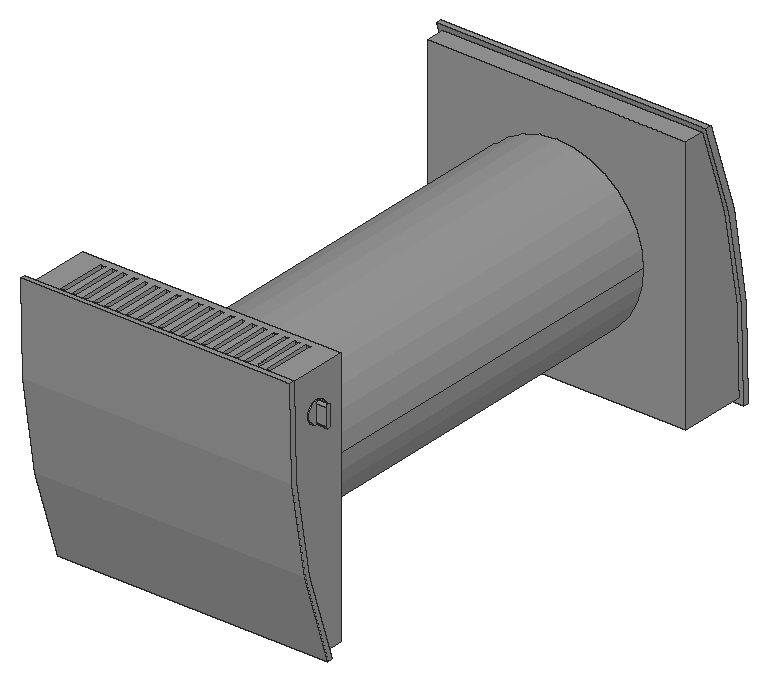
Revit family "ТвінФреш Ізі_Eng", category Mechanical Equipment, Revit 2021
Family settings
  Round Connector Dimension = Use Diameter
  Classification = None
  Part Type = Normal
  Work Plane-Based = No
  Always vertical = Yes
  Cut with Voids When Loaded = Yes
  Shared = No
  Room Calculation Point = No
Parameters (values of type "TwinFresh Easy-D RL7-50-17")
  Width = B + 10 mm  # 250 mm
  Weight = 5.00 kg
  Voltage = 230 V
  Sound pressure level at 3 m distance = "29 dBA"
  Pressure_Static_Air [instance] = 0.0 Pa
  Power = 4.3 W
  Number of Fase = 1
  Maximum Air Flow = 50.0 m³/h
  Load Classification = "HVAC"
  Length = L + 66 mm * 2  # 532 mm
  Height = B + 10 mm  # 250 mm
  Frequency = 50 Hz  # constant formula
  Filter = "G3"
  Default Elevation = 0 mm
  Lid = L < 155 mm  # no
  Manufacturer = "Vents"  # constant formula
  l3 = L / 2 - 5 mm  # 195 mm
  l2 = L / 2 + 5.5 mm  # 205.5 mm
  l1 = L / 2  # 200 mm
  b1 = B - 40 mm  # 200 mm
  b = B - 60 mm  # 180 mm
  Maintenance zone material = none
  URL = "https://ventilation-system.com/series/twinfresh-easy"
  L2 = 86 mm
  L = 400 mm
  Dy = D - 5 mm  # 155 mm
  Casing Material = Grid, steel, painted, white
  D = 160 mm
  B1 = 186 mm
  B = 240 mm
  Amperage = 0.041 A
  Air Flow [instance] = 0.0 m³/h
  09_System_Name [instance] = ""
  00_20_Type = "TwinFresh Easy-D RL7-50-17"
  00_20_Name = "Single-room heat regeneration unit"  # constant formula
  00_20_Manufacturer = "Vents"  # constant formula
Types (3, lengths in mm): name | 00_20_Type
  (no name) | "TwinFresh Easy-D RL7-50-17"
  TwinFresh Easy RL7-50-17 | "TwinFresh Easy RL7-50-17"
  TwinFresh Easy-D RL7-50-17 | "TwinFresh Easy-D RL7-50-17"
Reference planes
  plane 1 "По центру (Вперед/Назад)": y = 0
  plane 2: z = 0
  plane 3 "По центру (Влево/Вправо)": x = 0
  plane 4: z = 90
  plane 5: x = 90
  plane 6: z = -90
  plane 7: x = -90
  plane 8: y = -200
Forms (mm)
  Extrusion 1, solid, material "Пластмасса, непрозрачная, белая"
    sketch origin (0, 0, 0) x (1, 0, 0) y (0, 0, 1)
      loop
        circle (0, 0) r 80
      loop
        circle (0, 0) r 77.5
    from -200 to 200
Dimensions and locks
  equal spacing: Extrusion 1, plane 1 "По центру (Вперед/Назад)", Extrusion 1
  "L": Extrusion 1 to Extrusion 1
  equal spacing: plane 7, plane 3 "По центру (Влево/Вправо)", plane 5
  equal spacing: plane 4, level, plane 6
  "b": plane 7 to plane 5
  "b": plane 4 to plane 6
  "l1": plane 1 "По центру (Вперед/Назад)" to plane 8
  "D": diameter of Extrusion 1 sketch curve
  "Dy": diameter of Extrusion 1 sketch curve
  aligned and locked: level to plane 2
  aligned and locked: nested 1 to plane 8
Automatic sketch dimensions
  Extrusion 1 sketch curve to Extrusion 1 sketch curve = 0 mm  (x2)
  Extrusion 1 sketch curve to level = 0 mm
  Extrusion 1 sketch curve to plane 3 "По центру (Влево/Вправо)" = 0 mm
Nested families
  nested 1: "Front Lid" at (0, -200, 0), type "Front Lid"
  nested 2: "Front Lid" at (0, 200, 0) x (-1, 0, 0) z (0, 0, -1), type "Front Lid"
Definition of nested family "Front Lid"
  Parameters (values of type "Крышка передняя")
    Default Elevation = 0 mm
    B = 240 mm
  Reference planes
    plane 1 "По центру (Вперед/Назад)": y = 0
    plane 2: z = 0
    plane 3 "По центру (Влево/Вправо)": x = 0
  Forms (mm)
    Extrusion 1, solid
      sketch origin (0, 0, 0) x (0, 1, 0) y (0, 0, 1)
        loop
          line (-60.848, 125) -> (-65.852, 125)
          arc (-65.852, 125) -> (-57.61, -2.381) -> (-22.136, -125) r 589.417
          line (-22.136, -125) -> (-16.726, -125)
          arc (-16.726, -125) -> (-52.525, -2.425) -> (-60.848, 125) r 584.417
      from -125 to 125
    Extrusion 2, solid
      sketch origin (0, 0, 0) x (0, 1, 0) y (0, 0, 1)
        loop
          line (-18.775, -120) -> (0, -120) -> (0, 120) -> (-61.048, 120)
          arc (-61.048, 120) -> (-52.56, -2.228) -> (-18.775, -120) r 584.417
      from -120 to 120
    Extrusion 3, void
      sketch origin (0, 0, 0) x (1, 0, 0) y (0, 1, 0)
        loop
          line (-97, -7) -> (-97, -53.319) -> (-93, -53.319) -> (-93, -7) -> (-97, -7)
      from 109.204 to 120
    Extrusion 4, void
      sketch origin (10, 0, 0) x (1, 0, 0) y (0, 1, 0)
        loop
          line (-97, -7) -> (-97, -53.319) -> (-93, -53.319) -> (-93, -7) -> (-97, -7)
      from 109.204 to 120
    Extrusion 5, void
      sketch origin (20, 0, 0) x (1, 0, 0) y (0, 1, 0)
        loop
          line (-97, -7) -> (-97, -53.319) -> (-93, -53.319) -> (-93, -7) -> (-97, -7)
      from 109.204 to 120
    Extrusion 6, void
      sketch origin (30, 0, 0) x (1, 0, 0) y (0, 1, 0)
        loop
          line (-97, -7) -> (-97, -53.319) -> (-93, -53.319) -> (-93, -7) -> (-97, -7)
      from 109.204 to 120
    Extrusion 7, void
      sketch origin (40, 0, 0) x (1, 0, 0) y (0, 1, 0)
        loop
          line (-97, -7) -> (-97, -53.319) -> (-93, -53.319) -> (-93, -7) -> (-97, -7)
      from 109.204 to 120
    Extrusion 8, void
      sketch origin (50, 0, 0) x (1, 0, 0) y (0, 1, 0)
        loop
          line (-97, -7) -> (-97, -53.319) -> (-93, -53.319) -> (-93, -7) -> (-97, -7)
      from 109.204 to 120
    Extrusion 9, void
      sketch origin (60, 0, 0) x (1, 0, 0) y (0, 1, 0)
        loop
          line (-97, -7) -> (-97, -53.319) -> (-93, -53.319) -> (-93, -7) -> (-97, -7)
      from 109.204 to 120
    Extrusion 10, void
      sketch origin (70, 0, 0) x (1, 0, 0) y (0, 1, 0)
        loop
          line (-97, -7) -> (-97, -53.319) -> (-93, -53.319) -> (-93, -7) -> (-97, -7)
      from 109.204 to 120
    Extrusion 11, void
      sketch origin (80, 0, 0) x (1, 0, 0) y (0, 1, 0)
        loop
          line (-97, -7) -> (-97, -53.319) -> (-93, -53.319) -> (-93, -7) -> (-97, -7)
      from 109.204 to 120
    Extrusion 12, void
      sketch origin (90, 0, 0) x (1, 0, 0) y (0, 1, 0)
        loop
          line (-97, -7) -> (-97, -53.319) -> (-93, -53.319) -> (-93, -7) -> (-97, -7)
      from 109.204 to 120
    Extrusion 13, void
      sketch origin (100, 0, 0) x (1, 0, 0) y (0, 1, 0)
        loop
          line (-97, -7) -> (-97, -53.319) -> (-93, -53.319) -> (-93, -7) -> (-97, -7)
      from 109.204 to 120
    Extrusion 14, void
      sketch origin (110, 0, 0) x (1, 0, 0) y (0, 1, 0)
        loop
          line (-97, -7) -> (-97, -53.319) -> (-93, -53.319) -> (-93, -7) -> (-97, -7)
      from 109.204 to 120
    Extrusion 15, void
      sketch origin (120, 0, 0) x (1, 0, 0) y (0, 1, 0)
        loop
          line (-97, -7) -> (-97, -53.319) -> (-93, -53.319) -> (-93, -7) -> (-97, -7)
      from 109.204 to 120
    Extrusion 16, void
      sketch origin (130, 0, 0) x (1, 0, 0) y (0, 1, 0)
        loop
          line (-97, -7) -> (-97, -53.319) -> (-93, -53.319) -> (-93, -7) -> (-97, -7)
      from 109.204 to 120
    Extrusion 17, void
      sketch origin (140, 0, 0) x (1, 0, 0) y (0, 1, 0)
        loop
          line (-97, -7) -> (-97, -53.319) -> (-93, -53.319) -> (-93, -7) -> (-97, -7)
      from 109.204 to 120
    Extrusion 18, void
      sketch origin (150, 0, 0) x (1, 0, 0) y (0, 1, 0)
        loop
          line (-97, -7) -> (-97, -53.319) -> (-93, -53.319) -> (-93, -7) -> (-97, -7)
      from 109.204 to 120
    Extrusion 19, void
      sketch origin (160, 0, 0) x (1, 0, 0) y (0, 1, 0)
        loop
          line (-97, -7) -> (-97, -53.319) -> (-93, -53.319) -> (-93, -7) -> (-97, -7)
      from 109.204 to 120
    Extrusion 20, void
      sketch origin (170, 0, 0) x (1, 0, 0) y (0, 1, 0)
        loop
          line (-97, -7) -> (-97, -53.319) -> (-93, -53.319) -> (-93, -7) -> (-97, -7)
      from 109.204 to 120
    Extrusion 21, void
      sketch origin (180, 0, 0) x (1, 0, 0) y (0, 1, 0)
        loop
          line (-97, -7) -> (-97, -53.319) -> (-93, -53.319) -> (-93, -7) -> (-97, -7)
      from 109.204 to 120
    Extrusion 22, void
      sketch origin (190, 0, 0) x (1, 0, 0) y (0, 1, 0)
        loop
          line (-97, -7) -> (-97, -53.319) -> (-93, -53.319) -> (-93, -7) -> (-97, -7)
      from 109.204 to 120
    Extrusion 23, solid
      sketch origin (13, 0, 0) x (0, 1, 0) y (0, 0, -1)
        loop
          circle (-29.861, -84.613) r 10
      from -109 to -107
    Extrusion 24, solid
      sketch origin (13, 0, 0) x (0, 1, 0) y (0, 0, -1)
        loop
          arc (-27.861, -76.613) -> (-28.447, -75.199) -> (-29.861, -74.613) r 2
          arc (-29.861, -74.613) -> (-31.276, -75.199) -> (-31.861, -76.613) r 2
          line (-31.861, -76.613) -> (-31.861, -92.613)
          arc (-31.861, -92.613) -> (-31.276, -94.027) -> (-29.861, -94.613) r 2
          arc (-29.861, -94.613) -> (-28.447, -94.027) -> (-27.861, -92.613) r 2
          line (-27.861, -92.613) -> (-27.861, -76.613)
      from -118.978 to -109
  Cuts and joins
    Extrusion 3 cuts Extrusion 1
    Extrusion 3, Extrusion 4, Extrusion 5, Extrusion 6, Extrusion 7, Extrusion 8, Extrusion 9, Extrusion 10, Extrusion 11, Extrusion 12, Extrusion 13, Extrusion 14, Extrusion 15, Extrusion 16, Extrusion 17, Extrusion 18, Extrusion 19, Extrusion 20, Extrusion 21, Extrusion 22 cuts Extrusion 2
  Dimensions and locks
    equal spacing: group 1, group 2, group 3, group 4, group 5, group 6, group 7, group 8, group 9, group 10, group 11, group 12, group 13, group 14, group 15, group 16, group 17, group 18, group 19, group 20  (x3)
    locked: Extrusion 23 to Extrusion 23 at 2
    aligned and locked: level to plane 2
